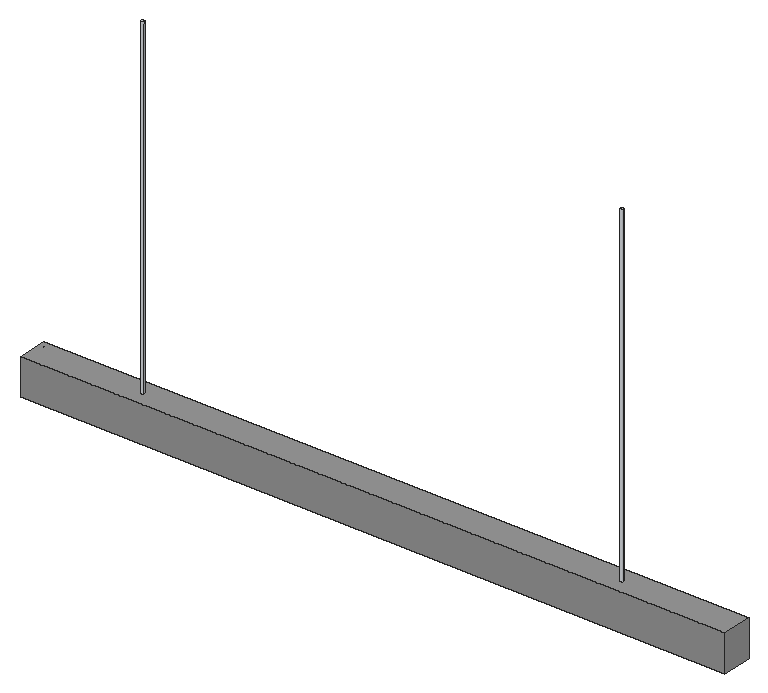
Revit family "HALIMALED_41_1500MM_4000k", category Lighting Fixtures, host Ceiling, Revit 2021
Family settings
  Host = Ceiling
  Round Connector Dimension = Use Diameter
  Part Type = Normal
  OmniClass Number = 23.80.70.11
  OmniClass Title = Luminaries for Internal Lighting
  Always vertical = Yes
  Cut with Voids When Loaded = No
  Light Source = Yes
  Shared = No
  Room Calculation Point = No
Parameters (values of type "Type 1")
  Wattage = 35.0406 W
  built-in parameter 1150110 = 1 (stored number, unit not read)
  Type de lampe = "LED Sanan"
  Type = "Profilé en saillie/suspension"
  built-in parameter 1114217 = 1 (stored number, unit not read)
  Tilt Angle = 90.00°
  Tension = "AC 220-240V"
  built-in parameter 1150109 = 1 (stored number, unit not read)
  built-in parameter 1150134 = 12
  built-in parameter 1150113 = 1 (stored number, unit not read)
  SDCM = "<3"
  Puissance nominale = "50W"
  Photometric Web File = "google_eulumdat_converter (3).ies"
  Matériau = "Aluminium anodisé"
  Maintien du flux = "L80B10 (50 000 heures)"
  Lumens = 5205 lm
  built-in parameter 1150115 = 1 (stored number, unit not read)
  built-in parameter 1150105 = 414.2 (stored number, unit not read)
  built-in parameter 1150137 = (empty or 0)
  built-in parameter 1150139 = (empty or 0)
  built-in parameter 1150112 = 1 (stored number, unit not read)
  built-in parameter 1150114 = 1 (stored number, unit not read)
  built-in parameter 1150132 = 2
  built-in parameter 1150102 = (empty or 0)
  built-in parameter 1150138 = (empty or 0)
  built-in parameter 1150107 = 4000 (stored number, unit not read)
  built-in parameter 1150106 = 4.142 (stored number, unit not read)
  IRC = ">80"
  Fintion = "Gris aluminium"
  Emit from Line Length = 609.6 mm
  built-in parameter 1150104 = 13.8 (stored number, unit not read)
  Durée de vie = "50 000 heures"
  Driver = "Driver Tridonic en version 230V on/off et Boke en DALI"
  Dimming Lamp Color Temperature Shift = <None>
  Dimensions = "63x78 mm, L = 1500 mm"
  Diffuseur = "Capot diffusant microprismatique"
  Default Elevation = 0 mm
  Color Filter = 16777215
  built-in parameter 1114218 = 1 (stored number, unit not read)
  built-in parameter 1150133 = 10 (stored number, unit not read)
  Angle d'éclairage = "90°"
Reference planes
  plane 1 "Light Source Axis (F/B)": y = 0
  plane 2: z = 0
  plane 3 "Light Source Axis (L/R)": x = 0
  plane 4 "Ceiling": z = 4000
  plane 5 "Light Source Elevation": z = 3246.255
Forms (mm)
  Extrusion 1, solid, material "Aluminium anodisé"
    sketch origin (0, 0, 0) x (0, 1, 0) y (0, 0, 1)
      loop
        line (31.5, 3211) -> (31.5, 3289) -> (-31.5, 3289) -> (-31.5, 3211) -> (-26.5, 3211) -> (-26.5, 3286) -> (26.5, 3286) -> (26.5, 3211) -> (31.5, 3211)
    from -750 to 750
  Extrusion 2, solid, material "Aluminium anodisé"
    sketch origin (-745, 0, 0) x (1, 0, 0) y (0, 0, 1)
      loop
        line (1500, 3289) -> (1495, 3289) -> (1495, 3211) -> (1500, 3211) -> (1500, 3289)
      loop
        line (-5, 3289) -> (-5, 3211) -> (3.456, 3211) -> (3.456, 3289) -> (-5, 3289)
    from -31.5 to 31.5
  Extrusion 3, solid, material "Glass, White, High Luminance"
    sketch origin (0, 0, 0) x (1, 0, 0) y (0, 0, 1)
      loop
        line (750, 3211) -> (750, 3214) -> (-750, 3214) -> (-750, 3211) -> (750, 3211)
    from -26.5 to 26.5
  Extrusion 4, solid
    sketch origin (-881.007, 0, 4000) x (0, -1, 0) y (1, 0, 0)
      loop
        circle (0, 1391.423) r 3
    from 0 to -711
  Extrusion 5, solid
    sketch origin (877.785, 0, 4000) x (0, 1, 0) y (-1, 0, 0)
      loop
        circle (0, 1391.423) r 3
    from 0 to -711
Cuts and joins
  joined: Extrusion 1, Extrusion 2
Lines and regions (mm)
  reference lines
    curve 1: line (0, 0, 3250) -> (0, 0, 3289)
    curve 2: line (0, 0, 3289) -> (-1500, 0, 3289)
    curve 3: line (-1500, 0, 3289) -> (-1500, 0, 3211)
    curve 4: line (0, 0, 3211) -> (0, -31.5, 3211)
    curve 5: line (0, -31.5, 3211) -> (0, -31.5, 3289)
    curve 6: line (0, -31.5, 3289) -> (0, 31.5, 3289)
    curve 7: line (0, 31.5, 3289) -> (0, 31.5, 3211)
    curve 8: line (0, 31.5, 3211) -> (0, 0, 3211)
    curve 9: line (0, 0, 3250) -> (-750, 0, 3250)
    curve 10: line (0, 0, 3250) -> (750, 0, 3250)
Dimensions and locks
  equal spacing: host sketch curve, plane 3 "Light Source Axis (L/R)", host sketch curve
  equal spacing: host sketch curve, plane 1 "Light Source Axis (F/B)", host sketch curve
  host sketch curve to host sketch curve = 4000 mm  (x2)
  plane 4 "Ceiling" to host ceiling = 0 mm
  aligned and locked: plane 1 "Light Source Axis (F/B)" to imposter light
  aligned and locked: plane 5 "Light Source Elevation" to imposter light
